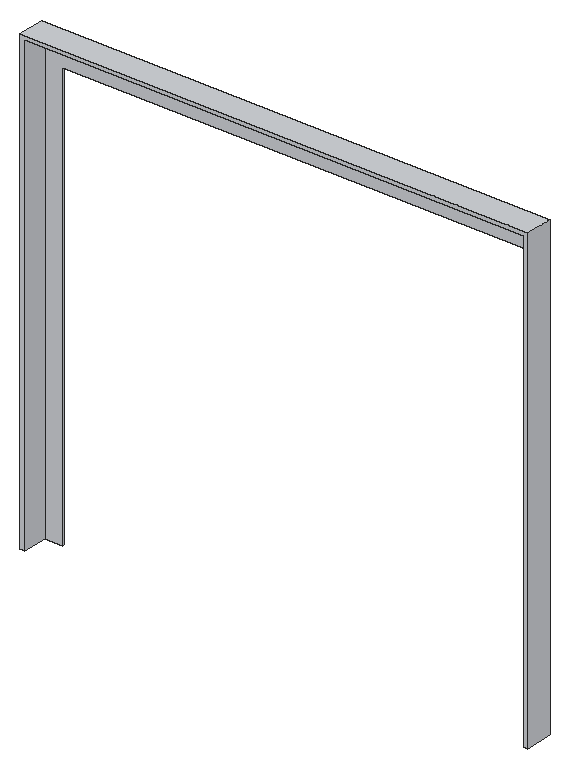
Revit family "GroundDuctSupport", category Generic Models, Revit 2025
Family settings
  Can host rebar = No
  Round Connector Dimension = Use Diameter
  Part Type = Normal
  Work Plane-Based = No
  Always vertical = Yes
  Cut with Voids When Loaded = No
  Maintain Annotation Orientation = No
  Shared = No
  Room Calculation Point = No
Parameters
  Support_Height [instance] = 1040 mm
  Duct_Width [instance] = 1042.64 mm
  Default Elevation = 0 mm
Reference planes
  plane 1 "Center (Front/Back)": y = 0
  plane 2: z = 0
  plane 3 "Center (Left/Right)": x = 0
  plane 4 "Floor": z = -1040
Forms (mm)
  Extrusion 1, solid
    sketch origin (144.793, 29.453, 3693.885) x (0, 1, 0) y (0, 0, 1)
      loop
        line (-29.453, -3693.885) -> (-29.453, -3703.885) -> (26.547, -3703.885) -> (26.547, -3769.885) -> (30.547, -3769.885) -> (30.547, -3693.885) -> (-29.453, -3693.885)
    from -716.113 to 426.527
  Extrusion 2, solid
    sketch origin (4455.32, 29.453, 0) x (1, 0, 0) y (0, 1, 0)
      loop
        line (-3884, -29.453) -> (-3884, 30.547) -> (-3934, 30.547) -> (-3934, 26.547) -> (-3894, 26.547) -> (-3894, -29.453) -> (-3884, -29.453)
    from -1040 to 0
  Extrusion 3, solid
    sketch origin (-4267.68, 29.453, 122.821) x (1, 0, 0) y (0, 1, 0)
      loop
        line (3696.36, -29.453) -> (3706.36, -29.453) -> (3706.36, 26.547) -> (3746.36, 26.547) -> (3746.36, 30.547) -> (3696.36, 30.547) -> (3696.36, -29.453)
    from -1162.821 to -122.821
Cuts and joins
  joined: Extrusion 1, Extrusion 2, Extrusion 3
Dimensions and locks
  Extrusion 1 sketch curve to Extrusion 1 sketch curve = 10 mm
  Extrusion 1 to Extrusion 1 to Extrusion 1 = 10 mm locked, 66 mm locked
  Extrusion 2 sketch curve to Extrusion 2 sketch curve = 10 mm
  Extrusion 3 sketch curve to Extrusion 3 sketch curve = 10 mm
  locked: Extrusion 2 to Extrusion 2 at 10
  locked: Extrusion 2 to Extrusion 2 at 40
  locked: Extrusion 3 to Extrusion 3 at 10
  locked: Extrusion 3 to Extrusion 3 at 40
  Extrusion 1 to Extrusion 1 to Extrusion 1 = 4 mm locked, 56 mm locked
  equal spacing: cut or joined group of Extrusion 1, Extrusion 2, Extrusion 3, plane 3 "Center (Left/Right)", cut or joined group of Extrusion 1, Extrusion 2, Extrusion 3
  "Duct_Width": cut or joined group of Extrusion 1, Extrusion 2, Extrusion 3 to cut or joined group of Extrusion 1, Extrusion 2, Extrusion 3
  "Support_Height": plane 2 to plane 4 "Floor"
  aligned and locked: level to plane 2
  aligned and locked: Extrusion 2 to Extrusion 1
  aligned and locked: Extrusion 1 to Extrusion 3
  aligned and locked: plane 1 "Center (Front/Back)" to cut or joined group of Extrusion 1, Extrusion 2, Extrusion 3
  aligned and locked: cut or joined group of Extrusion 1, Extrusion 2, Extrusion 3 to cut or joined group of Extrusion 1, Extrusion 2, Extrusion 3  (x7)
  aligned and locked: level to cut or joined group of Extrusion 1, Extrusion 2, Extrusion 3
  aligned and locked: cut or joined group of Extrusion 1, Extrusion 2, Extrusion 3 to plane 4 "Floor"  (x2)
Automatic sketch dimensions
  Extrusion 1 sketch curve to level = 0 mm
  Extrusion 1 sketch curve to plane 1 "Center (Front/Back)" = 0 mm
  Extrusion 1 sketch curve to plane 1 "Center (Front/Back)" = 56 mm
  Extrusion 1 sketch curve to Extrusion 1 sketch curve = 4 mm
  Extrusion 1 sketch curve to Extrusion 1 sketch curve = 66 mm
  plane 1 "Center (Front/Back)" to Extrusion 2 sketch curve = 0 mm
  Extrusion 2 sketch curve to plane 1 "Center (Front/Back)" = 56 mm
  plane 3 "Center (Left/Right)" to Extrusion 2 sketch curve = 521.32 mm
  Extrusion 2 sketch curve to Extrusion 2 sketch curve = 40 mm
  Extrusion 2 sketch curve to Extrusion 2 sketch curve = 4 mm
  plane 1 "Center (Front/Back)" to Extrusion 3 sketch curve = 0 mm
  Extrusion 3 sketch curve to plane 1 "Center (Front/Back)" = 60 mm
  Extrusion 3 sketch curve to plane 3 "Center (Left/Right)" = 571.32 mm
  Extrusion 3 sketch curve to Extrusion 3 sketch curve = 40 mm
  Extrusion 3 sketch curve to Extrusion 3 sketch curve = 4 mm
